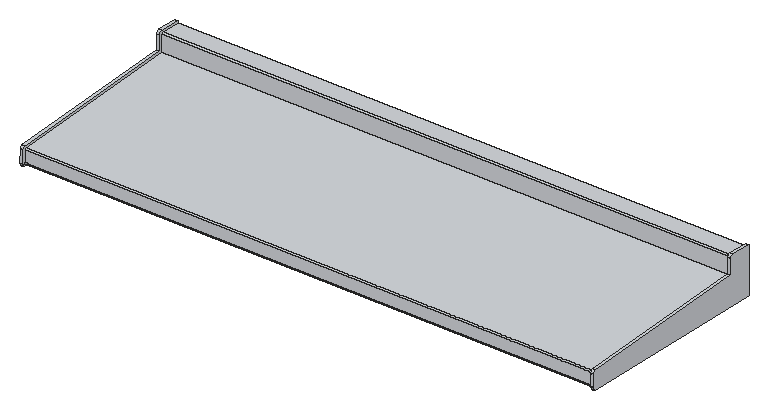
Revit family "LA_Vlak", category Generic Models, Revit 2022
Family settings
  Can host rebar = No
  Round Connector Dimension = Use Diameter
  Part Type = Normal
  Cut with Voids When Loaded = No
  Maintain Annotation Orientation = No
  Shared = No
  Room Calculation Point = No
Parameters (values of type "LA.VL.S400A")
  URL = "https://www.meilofriks.nl/luifels/type-la-vlak/"
  Start_extrusion_R [instance] = if(Eindschot Rechts, 6 mm, 0 mm)  # 6 mm
  Start_extrusion_L [instance] = if(Eindschot Links, 6 mm, 0 mm)  # 6 mm
  Rad_5 = 5.3 mm
  Rad_3 = 3 mm
  Model = "LA.VL.S400A"
  Manufacturer = "Meilof Riks B.V."  # constant formula
  built-in parameter 1001306 [instance] = 1200 mm
  Kleur [instance] = none
  Hoogte_voorzijde = 30 mm
  Hoogte_rug = 90 mm
  Eindschot Rechts [instance] = yes
  Eindschot Links [instance] = yes
  Diepte_luifel = 400 mm
  Description = "Luifel vlak"  # constant formula
  Default Elevation = 0 mm
Types (7, lengths in mm): name | Model | Hoogte_voorzijde | Hoogte_rug | Diepte_luifel
  (no name) | "LA.VL.S400A" | 30 | 90 | 400
  LA.VL.S500A | "LA.VL.S500A" | 30 | 90 | 500
  LA.VL.S450A | "LA.VL.S450A" | 30 | 90 | 450
  LA.VL.S400A | "LA.VL.S400A" | 30 | 90 | 400
  LA.VL.S400B | "LA.VL.S400B" | 60 | 125 | 400
  LA.VL.S450B | "LA.VL.S450B" | 60 | 125 | 450
  LA.VL.S500B | "LA.VL.S500B" | 60 | 125 | 500
Reference planes
  plane 1 "Center (Front/Back)": y = 0
  plane 2: z = 0
  plane 3 "Left": x = 0
  plane 4 "Right": x = 1200
  plane 5: z = 90
  plane 6: z = 54
  plane 7: y = -42
  plane 8: y = -400
  plane 9: z = 30
  plane 10: y = -12.701
  plane 11: x = 1194
  plane 12: x = 6
  plane 13: z = 3.7
  plane 14: y = -380
  plane 15: y = -368
  plane 16: y = -356
Forms (mm)
  Extrusion 1, solid, material <- "Kleur"
    sketch origin (0, 0, 0) x (0, 1, 0) y (0, 0, 1)
      loop
        arc (-397.201, 30.188) -> (-399.191, 29.244) -> (-400, 27.194) r 3
        line (-400, 27.194) -> (-400, 3)
        arc (-400, 3) -> (-399.121, 0.879) -> (-397, 0) r 3
        line (-397, 0) -> (-380.799, 0)
        arc (-380.799, 0) -> (-380.009, 0.059) -> (-379.237, 0.235) r 5.3
        line (-379.237, 0.235) -> (-369.562, 3.219)
        arc (-369.562, 3.219) -> (-368, 3.454) -> (-366.438, 3.219) r 5.3
        line (-366.438, 3.219) -> (-356.763, 0.235)
        arc (-356.763, 0.235) -> (-355.991, 0.059) -> (-355.201, 0) r 5.3
        line (-355.201, 0) -> (-60, 0) -> (-60, -3) -> (0, -3) -> (0, 57) -> (-3, 57) -> (-3, 0) -> (-8.076, 0) -> (-8.076, 50) -> (0, 68.297) -> (0, 89.989) -> (-39, 89.989)
        arc (-39, 89.989) -> (-41.121, 89.111) -> (-42, 86.989) r 3
        line (-42, 86.989) -> (-42, 54) -> (-397.201, 30.188)
    from 6 to 1194
  Extrusion 2, solid, material <- "Kleur", visible <- "Eindschot Links"
    sketch origin (0, 0, 0) x (0, 1, 0) y (0, 0, 1)
      loop
        line (-45, 56.806) -> (-398.055, 33.137)
        arc (-398.055, 33.137) -> (-401.571, 31.469) -> (-403, 27.849) r 5.3
        line (-403, 27.849) -> (-403, 2.3)
        arc (-403, 2.3) -> (-401.448, -1.448) -> (-397.7, -3) r 5.3
        line (-397.7, -3) -> (0, -3) -> (0, 93) -> (-39.7, 93)
        arc (-39.7, 93) -> (-43.448, 91.448) -> (-45, 87.7) r 5.3
        line (-45, 87.7) -> (-45, 56.806)
    from 0 to 6
  Extrusion 3, solid, material <- "Kleur", visible <- "Eindschot Rechts"
    sketch origin (1200, 500, 1219.2) x (0, 1, 0) y (0, 0, 1)
      loop
        line (-545, -1162.394) -> (-898.055, -1186.063)
        arc (-898.055, -1186.063) -> (-901.571, -1187.731) -> (-903, -1191.351) r 5.3
        line (-903, -1191.351) -> (-903, -1216.9)
        arc (-903, -1216.9) -> (-901.448, -1220.648) -> (-897.7, -1222.2) r 5.3
        line (-897.7, -1222.2) -> (-500, -1222.2) -> (-500, -1126.2) -> (-539.7, -1126.2)
        arc (-539.7, -1126.2) -> (-543.448, -1127.752) -> (-545, -1131.5) r 5.3
        line (-545, -1131.5) -> (-545, -1162.394)
    from -6 to 0
Lines and regions (mm)
  reference lines
    curve 1: line (0, 0, 0) -> (1200, 0, 0)
    curve 2: line (0, -42, 54) -> (0, -400, 30)
    curve 3: line (0, -380, 0) -> (0, -368, 3.7)
    curve 4: line (0, -368, 3.7) -> (0, -356, 0)
Dimensions and locks
  "built-in parameter 1001306": plane 3 "Left" to plane 4 "Right"
  "Hoogte_rug": plane 5 to level
  locked: plane 5 to plane 6 at 36
  locked: plane 7 to plane 1 "Center (Front/Back)" at 42
  "Diepte_luifel": plane 8 to plane 1 "Center (Front/Back)"
  "Hoogte_voorzijde": plane 9 to level
  locked: Extrusion 1 sketch curve to level at 50
  locked: Extrusion 1 sketch curve to Extrusion 1 sketch curve at 20
  Extrusion 1 sketch curve to plane 1 "Center (Front/Back)" = 60 mm
  locked: Extrusion 1 sketch curve to level at 57
  Extrusion 1 sketch curve to plane 1 "Center (Front/Back)" = 8.076 mm
  plane 10 to plane 1 "Center (Front/Back)" = 12.701 mm
  locked: Extrusion 1 sketch curve to plane 1 "Center (Front/Back)" at 3
  locked: level to Extrusion 1 sketch curve at 3
  "Start_extrusion_L": plane 3 "Left" to plane 12
  "Start_extrusion_R": plane 11 to plane 4 "Right"
  locked: Extrusion 2 sketch curve to plane 7 at 3
  locked: Extrusion 2 sketch curve to plane 5 at 3
  locked: Extrusion 2 sketch curve to Extrusion 1 at 3
  locked: level to Extrusion 2 sketch curve at 3
  locked: Extrusion 2 sketch curve to plane 8 at 3
  locked: Extrusion 3 sketch curve to plane 5 at 3
  locked: Extrusion 3 sketch curve to plane 7 at 3
  locked: Extrusion 3 sketch curve to Extrusion 1 at 3  (x2)
  locked: level to Extrusion 3 sketch curve at 3
  locked: plane 13 to level at 3.7
  locked: plane 8 to plane 14 at 20
  locked: plane 14 to plane 15 at 12
  locked: plane 15 to plane 16 at 12
  "Rad_3": radius of Extrusion 1 sketch curve  (x3)
  "Rad_5": radius of Extrusion 2 sketch curve  (x3)
  "Rad_5": radius of Extrusion 3 sketch curve  (x3)
  "Rad_5": radius of Extrusion 1 sketch curve  (x3)
  aligned and locked: plane 4 "Right" to curve 1
  aligned and locked: plane 1 "Center (Front/Back)" to curve 1
  aligned and locked: plane 3 "Left" to curve 1
  aligned and locked: level to plane 2
  aligned and locked: Extrusion 1 sketch curve to level
  aligned and locked: Extrusion 1 sketch curve to plane 8
  aligned and locked: plane 6 to curve 2
  aligned and locked: plane 7 to curve 2
  aligned and locked: Extrusion 1 sketch curve to curve 2
  aligned and locked: Extrusion 1 to plane 12
  aligned and locked: plane 11 to Extrusion 1
  aligned and locked: plane 1 "Center (Front/Back)" to Extrusion 2 sketch curve
  aligned and locked: Extrusion 2 to plane 3 "Left"
  aligned and locked: plane 1 "Center (Front/Back)" to Extrusion 3 sketch curve
  aligned and locked: plane 4 "Right" to Extrusion 3
  aligned and locked: curve 3 to plane 13
  aligned and locked: plane 15 to curve 4
  aligned and locked: plane 16 to curve 4
  aligned and locked: plane 14 to curve 3
  aligned and locked: curve 3 to Extrusion 1 sketch curve
  aligned and locked: curve 4 to Extrusion 1 sketch curve
  aligned and locked: plane 9 to curve 2
  aligned and locked: plane 8 to curve 2
Automatic sketch dimensions
  curve 3 to level = 0 mm
  curve 4 to level = 0 mm
  Extrusion 1 sketch curve to level = 0 mm  (x2)
  Extrusion 1 sketch curve to plane 7 = 0 mm
  Extrusion 1 sketch curve to plane 1 "Center (Front/Back)" = 0 mm  (x2)
  Extrusion 1 sketch curve to plane 5 = 3.011 mm
